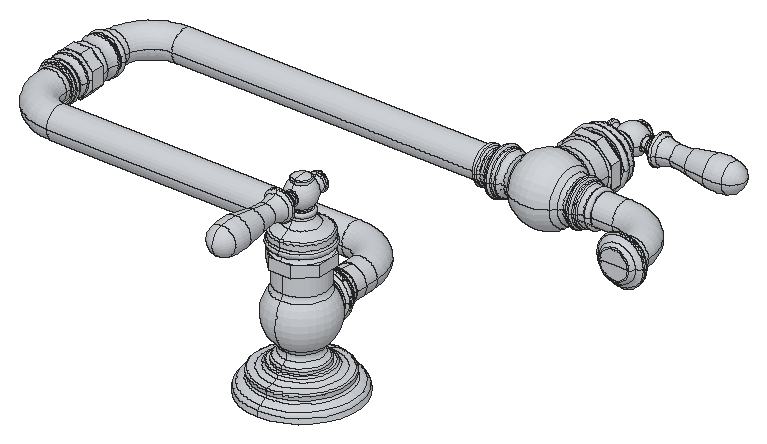
Revit family "Faucet-Wall_Mount-KOHLER-Artifacts-K-99270", category Plumbing Fixtures, host Face, Revit 2015 (continued)
Definition of nested family "K-99270"
  Lines and regions (mm)
    Masking region 3
      outline origin (0, 0, 0) x (0, 1, 0) y (0, 0, 1)
        loop
          arc (135.355, 58.766) -> (135.537, 59.15) -> (135.932, 59.305) r 0.578
          line (135.932, 59.305) -> (136.983, 59.305)
          arc (136.983, 59.305) -> (137.363, 59.158) -> (137.547, 58.793) r 0.566
          arc (137.547, 58.793) -> (138.241, 57.33) -> (139.418, 56.218) r 4.395
          arc (139.418, 56.218) -> (140.273, 56.375) -> (141.09, 56.075) r 1.647
          arc (141.09, 56.075) -> (141.494, 55.608) -> (141.64, 55.007) r 1.312
          line (141.64, 55.007) -> (141.64, 53.806) -> (152.043, 53.806)
          arc (152.043, 53.806) -> (165.439, 64.134) -> (182.059, 60.984) r 20.648
          line (182.059, 60.984) -> (182.979, 60.984)
          arc (182.979, 60.984) -> (185.354, 59.86) -> (187.954, 59.474) r 8.951
          line (187.954, 59.474) -> (197.159, 59.474)
          arc (197.159, 59.474) -> (197.308, 60.323) -> (197.741, 61.068) r 2.456
          line (197.741, 61.068) -> (203.937, 61.068)
          arc (203.937, 61.068) -> (204.672, 60.019) -> (205.887, 59.616) r 2.035
          line (205.887, 59.616) -> (206.983, 59.616) -> (206.983, 61.265)
          arc (206.983, 61.265) -> (207.969, 62.716) -> (209.621, 62.123) r 1.433
          arc (209.621, 62.123) -> (210.152, 61.626) -> (210.856, 61.446) r 1.465
          line (210.856, 61.446) -> (214.396, 61.446)
          arc (214.396, 61.446) -> (214.906, 61.241) -> (215.132, 60.74) r 0.736
          arc (215.132, 60.74) -> (217.876, 55.494) -> (222.259, 51.514) r 16.924
          arc (222.259, 51.514) -> (222.679, 51.266) -> (223.157, 51.171) r 1.456
          arc (223.157, 51.171) -> (223.837, 51.318) -> (224.371, 51.763) r 1.456
          arc (224.371, 51.763) -> (225.726, 51.952) -> (226.465, 50.8) r 1.268
          line (226.465, 50.8) -> (226.465, 49.53) -> (227.449, 49.53)
          arc (227.449, 49.53) -> (234.66, 53.349) -> (242.175, 50.167) r 9.503
          line (242.175, 50.167) -> (243.287, 50.167)
          arc (243.287, 50.167) -> (244.031, 48.922) -> (244.586, 47.582) r 9.962
          arc (244.586, 47.582) -> (245.061, 45.221) -> (244.956, 42.815) r 9.962
          arc (244.956, 42.815) -> (244.55, 41.148) -> (243.902, 39.56) r 11.585
          arc (243.902, 39.56) -> (243.574, 39.063) -> (243.077, 38.735) r 1.491
          arc (243.077, 38.735) -> (234.449, 34.372) -> (226.465, 39.825) r 9.503
          line (226.465, 39.825) -> (226.465, 38.1)
          arc (226.465, 38.1) -> (225.726, 36.948) -> (224.371, 37.137) r 1.268
          arc (224.371, 37.137) -> (223.837, 37.582) -> (223.157, 37.729) r 1.456
          arc (223.157, 37.729) -> (222.679, 37.634) -> (222.259, 37.386) r 1.456
          arc (222.259, 37.386) -> (217.876, 33.406) -> (215.132, 28.16) r 16.924
          arc (215.132, 28.16) -> (214.939, 27.693) -> (214.491, 27.461) r 0.736
          line (214.491, 27.461) -> (211.37, 27.461)
          arc (211.37, 27.461) -> (210.392, 27.478) -> (209.621, 26.876) r 1.465
          arc (209.621, 26.876) -> (207.969, 26.284) -> (206.983, 27.734) r 1.433
          line (206.983, 27.734) -> (206.983, 29.284) -> (205.887, 29.284)
          arc (205.887, 29.284) -> (204.672, 28.881) -> (203.937, 27.832) r 2.035
          line (203.937, 27.832) -> (203.937, 26.945) -> (197.778, 26.945) -> (197.778, 27.79)
          arc (197.778, 27.79) -> (197.318, 28.551) -> (197.159, 29.426) r 2.456
          line (197.159, 29.426) -> (187.954, 29.426)
          arc (187.954, 29.426) -> (185.679, 29.132) -> (183.553, 28.269) r 8.951
          arc (183.553, 28.269) -> (166.12, 23.821) -> (151.817, 34.734) r 20.648
          line (151.817, 34.734) -> (141.64, 34.734) -> (141.64, 33)
          arc (141.64, 33) -> (140.502, 31.752) -> (138.912, 32.32) r 1.524
          arc (138.912, 32.32) -> (138.058, 31.319) -> (137.547, 30.107) r 4.317
          arc (137.547, 30.107) -> (137.4, 29.744) -> (137.04, 29.594) r 0.507
          line (137.04, 29.594) -> (135.857, 29.594)
          arc (135.857, 29.594) -> (135.488, 29.754) -> (135.355, 30.134) r 0.503
          arc (135.355, 30.134) -> (134.542, 31.624) -> (133.376, 32.857) r 6.592
          arc (133.376, 32.857) -> (131.288, 33.079) -> (129.2, 32.857) r 9.919
          arc (129.2, 32.857) -> (128.408, 32.652) -> (127.635, 32.382) r 9.919
          arc (127.635, 32.382) -> (126.064, 32.127) -> (124.532, 32.554) r 3.706
          arc (124.532, 32.554) -> (123.782, 33.037) -> (123.125, 33.638) r 5.297
          arc (123.125, 33.638) -> (122.733, 32.455) -> (122.229, 31.314) r 12.95
          line (122.229, 31.314) -> (115.024, 31.314) -> (114.129, 33.302) -> (114.039, 34.106) -> (113.147, 34.106)
          arc (113.147, 34.106) -> (113.113, 33.025) -> (112.392, 32.218) r 1.582
          arc (112.392, 32.218) -> (111.949, 32.133) -> (111.537, 32.313) r 0.758
          arc (111.537, 32.313) -> (109.53, 32.993) -> (107.412, 32.967) r 6.283
          arc (107.412, 32.967) -> (106.318, 32.713) -> (105.299, 32.239) r 5.433
          line (105.299, 32.239) -> (104.555, 31.818)
          arc (104.555, 31.818) -> (104.036, 31.865) -> (103.674, 32.24) r 0.747
          arc (103.674, 32.24) -> (103.412, 32.578) -> (103.022, 32.749) r 0.867
          line (103.022, 32.749) -> (101.449, 32.749)
          arc (101.449, 32.749) -> (101.028, 32.889) -> (100.773, 33.252) r 0.706
          line (100.773, 33.252) -> (100.773, 34.768) -> (31.558, 34.768) -> (31.558, 35.581)
          arc (31.558, 35.581) -> (31.331, 34.95) -> (30.716, 34.683) r 0.844
          line (30.716, 34.683) -> (29.9, 34.683)
          arc (29.9, 34.683) -> (29.029, 34.609) -> (28.182, 34.389) r 5.175
          arc (28.182, 34.389) -> (27.605, 34.146) -> (27.061, 33.835) r 5.175
          arc (27.061, 33.835) -> (26.356, 33.003) -> (25.691, 32.138) r 22.846
          arc (25.691, 32.138) -> (25.426, 31.804) -> (25.018, 31.677) r 0.721
          line (25.018, 31.677) -> (23.806, 31.677)
          arc (23.806, 31.677) -> (23.396, 31.539) -> (23.153, 31.181) r 0.677
          arc (23.153, 31.181) -> (22.135, 30.143) -> (20.711, 30.434) r 1.52
          arc (20.711, 30.434) -> (19.687, 31.436) -> (18.355, 31.964) r 3.63
          arc (18.355, 31.964) -> (17.425, 31.974) -> (16.543, 31.677) r 2.785
          line (16.543, 31.677) -> (15.63, 30.589)
          arc (15.63, 30.589) -> (14.437, 29.247) -> (13.168, 27.977) r 31.086
          arc (13.168, 27.977) -> (12.196, 26.681) -> (11.712, 25.134) r 4.78
          arc (11.712, 25.134) -> (11.897, 23.185) -> (12.916, 21.513) r 4.355
          arc (12.916, 21.513) -> (13.873, 20.6) -> (14.89, 19.753) r 19.503
          arc (14.89, 19.753) -> (15.304, 19.22) -> (15.412, 18.553) r 1.366
          line (15.412, 18.553) -> (15.412, 17.12) -> (17.486, 17.12)
          arc (17.486, 17.12) -> (17.955, 16.962) -> (18.235, 16.553) r 0.779
          arc (18.235, 16.553) -> (18.449, 16.061) -> (18.787, 15.645) r 1.984
          arc (18.787, 15.645) -> (20.457, 14.305) -> (22.424, 13.46) r 7.929
          arc (22.424, 13.46) -> (24.629, 12.928) -> (26.865, 12.545) r 33.832
          arc (26.865, 12.545) -> (27.388, 12.25) -> (27.566, 11.677) r 0.813
          line (27.566, 11.677) -> (27.103, 9.053)
          arc (27.103, 9.053) -> (27.297, 8.177) -> (28.053, 7.696) r 1.171
          arc (28.053, 7.696) -> (30.406, 6.641) -> (32.546, 5.205) r 15.211
          arc (32.546, 5.205) -> (33.887, 2.76) -> (34.281, 0) r 7.789
          line (34.281, 0) -> (-34.281, 0)
          arc (-34.281, 0) -> (-33.887, 2.76) -> (-32.546, 5.205) r 7.789
          arc (-32.546, 5.205) -> (-30.406, 6.641) -> (-28.053, 7.696) r 15.211
          arc (-28.053, 7.696) -> (-27.297, 8.177) -> (-27.103, 9.053) r 1.171
          line (-27.103, 9.053) -> (-27.566, 11.677)
          arc (-27.566, 11.677) -> (-27.388, 12.25) -> (-26.865, 12.545) r 0.813
          arc (-26.865, 12.545) -> (-24.629, 12.928) -> (-22.424, 13.46) r 33.832
          arc (-22.424, 13.46) -> (-20.457, 14.305) -> (-18.787, 15.645) r 7.929
          arc (-18.787, 15.645) -> (-18.449, 16.061) -> (-18.235, 16.553) r 1.984
          arc (-18.235, 16.553) -> (-17.955, 16.962) -> (-17.486, 17.12) r 0.779
          line (-17.486, 17.12) -> (-15.412, 17.12) -> (-15.412, 18.553)
          arc (-15.412, 18.553) -> (-15.304, 19.22) -> (-14.89, 19.753) r 1.366
          arc (-14.89, 19.753) -> (-13.873, 20.6) -> (-12.916, 21.513) r 19.503
          arc (-12.916, 21.513) -> (-11.897, 23.185) -> (-11.712, 25.134) r 4.355
          arc (-11.712, 25.134) -> (-12.196, 26.681) -> (-13.168, 27.977) r 4.78
          arc (-13.168, 27.977) -> (-14.437, 29.247) -> (-15.63, 30.589) r 31.086
          line (-15.63, 30.589) -> (-16.543, 31.677)
          arc (-16.543, 31.677) -> (-19.367, 36.404) -> (-20.565, 41.778) r 17.322
          arc (-20.565, 41.778) -> (-19.553, 50.159) -> (-15.654, 57.648) r 23.59
          arc (-15.654, 57.648) -> (-15.175, 58.891) -> (-15.012, 60.214) r 5.448
          line (-15.012, 60.214) -> (-15.012, 72.362) -> (-17.076, 72.362) -> (-17.076, 78.953)
          arc (-17.076, 78.953) -> (-16.17, 79.46) -> (-15.488, 80.242) r 3.031
          arc (-15.488, 80.242) -> (-15.236, 80.823) -> (-15.15, 81.45) r 2.33
          line (-15.15, 81.45) -> (-15.15, 82.644) -> (-16.792, 82.644)
          arc (-16.792, 82.644) -> (-18.108, 83.483) -> (-17.905, 85.031) r 1.453
          arc (-17.905, 85.031) -> (-17.513, 85.461) -> (-17.087, 85.857) r 7.117
          arc (-17.087, 85.857) -> (-16.997, 86.256) -> (-16.967, 86.663) r 2.758
          line (-16.967, 86.663) -> (-16.967, 90.101)
          arc (-16.967, 90.101) -> (-16.725, 90.647) -> (-16.158, 90.834) r 0.737
          arc (-16.158, 90.834) -> (-13.698, 91.913) -> (-11.412, 93.321) r 19.389
          arc (-11.412, 93.321) -> (-10.341, 94.077) -> (-9.352, 94.937) r 12.883
          arc (-9.352, 94.937) -> (-7.98, 96.492) -> (-6.875, 98.246) r 12.883
          arc (-6.875, 98.246) -> (-6.747, 99.24) -> (-7.297, 100.078) r 1.445
          arc (-7.297, 100.078) -> (-7.46, 101.409) -> (-6.327, 102.126) r 1.254
          line (-6.327, 102.126) -> (-5.055, 102.126) -> (-5.055, 103.087)
          arc (-5.055, 103.087) -> (-5.196, 103.564) -> (-5.574, 103.888) r 0.879
    symbolic lines
      curve 1: line (241.841, -42.761, 0) -> (243.556, -44.476, 0)
    symbolic lines, detail levels medium+fine
      curve 2: line (24.262, 243.287, 0) -> (12.827, 243.287, 0)
      curve 3: line (12.827, 241.883, 0) -> (24.262, 241.883, 0)
      curve 4: line (9.736, 231.988, 0) -> (9.736, 238.155, 0)
      curve 5: line (10.424, 231.315, 0) -> (10.424, 238.827, 0)
      curve 6: line (12.947, 228.227, 0) -> (24.141, 228.227, 0)
      curve 7: line (12.194, 226.465, 0) -> (24.894, 226.465, 0)
      curve 8: line (27.2, 231.263, 0) -> (27.2, 238.879, 0)
      curve 9: line (29.491, 231.143, 0) -> (29.491, 238.999, 0)
      curve 10: line (33.29, 229.304, 0) -> (33.29, 240.838, 0)
      curve 11: line (36.549, 226.174, 0) -> (36.549, 243.968, 0)
      curve 12: line (34.835, 215.132, 0) -> (2.254, 215.132, 0)
      curve 13: line (36.218, 209.621, 0) -> (0.871, 209.621, 0)
      curve 14: line (1.73, 206.983, 0) -> (35.359, 206.983, 0)
      curve 15: line (35.593, 203.951, 0) -> (1.47, 203.951, 0)
      curve 16: line (1.47, 197.778, 0) -> (35.593, 197.778, 0)
      curve 17: line (33.569, 197.159, 0) -> (3.52, 197.159, 0)
      curve 18: line (11.465, 203.951, 0) -> (11.465, 197.778, 0)
      curve 19: line (25.599, 203.951, 0) -> (25.599, 197.778, 0)
      curve 20: line (35.079, 182.979, 0) -> (2.01, 182.979, 0)
      curve 21: line (-18.52, 180.635, 0) -> (-18.52, 159.848, 0)
      curve 22: line (-21.461, 160.75, 0) -> (-21.461, 179.734, 0)
      curve 23: line (-4.968, 182.722, 0) -> (-4.968, 157.762, 0)
      curve 24: line (42.786, 182.206, 0) -> (42.786, 158.278, 0)
      curve 25: line (48.79, 180.652, 0) -> (48.79, 159.832, 0)
      curve 26: line (51.717, 160.717, 0) -> (51.717, 179.767, 0)
      curve 27: line (100.235, 145.071, 0) -> (81.186, 144.878, 0)
      curve 28: line (101.084, 141.64, 0) -> (80.336, 141.64, 0)
      curve 29: line (76.367, 137.547, 0) -> (105.054, 137.547, 0)
      curve 30: line (76.394, 135.355, 0) -> (105.027, 135.355, 0)
      curve 31: spline (-225.392, 147.131, 0) -> (-225.72, 147.15, 0) -> (-226.674, 147.207, 0) -> (-228.188, 147.299, 0) -> (-230.16, 147.419, 0) -> (-232.456, 147.559, 0) -> (-234.919, 147.709, 0) -> (-237.382, 147.86, 0) -> (-239.677, 148, 0) -> (-241.649, 148.122, 0) -> (-243.163, 148.215, 0) -> (-244.117, 148.275, 0) -> (-244.445, 148.296, 0)
      curve 32: line (-246.499, 138.814, 0) -> (-223.346, 138.814, 0)
      curve 33: line (-246.556, 136.727, 0) -> (-223.29, 136.727, 0)
      curve 34: line (-244.443, 141.667, 0) -> (-225.393, 141.667, 0)
      curve 35: line (-245.238, 123.125, 0) -> (-224.607, 123.125, 0)
      curve 36: line (-222.222, 122.229, 0) -> (-247.622, 122.229, 0)
      curve 37: line (-240.183, 115.024, 0) -> (-240.183, 122.229, 0)
      curve 38: line (-229.662, 122.229, 0) -> (-229.662, 115.024, 0)
      curve 39: line (-224.494, 114.028, 0) -> (-245.352, 114.028, 0)
      curve 40: line (-224.575, 113.219, 0) -> (-245.271, 113.219, 0)
      curve 41: line (-247.622, 115.024, 0) -> (-222.222, 115.024, 0)
      curve 42: line (-224.122, 100.773, 0) -> (-245.724, 100.773, 0)
      curve 43: line (-246.736, 103.674, 0) -> (-223.11, 103.674, 0)
      curve 44: line (-244.443, 97.761, 0) -> (-225.393, 97.689, 0)
      curve 45: line (9.529, 46.985, 0) -> (-9.52, 46.915, 0)
      curve 46: line (-9.497, 38.696, 0) -> (9.553, 38.696, 0)
      curve 47: line (-9.497, 31.558, 0) -> (9.553, 31.558, 0)
      curve 48: line (12.473, 25.067, 0) -> (-12.219, 25.067, 0)
      curve 49: arc (-12.018, 24.81, 0) -> (-27.391, -3.244, 0) -> (-5.915, -26.953, 0) r 27.58
      curve 50: arc (-6.965, -15.502, 0) -> (-16.734, 2.873, 0) -> (-1.373, 16.912, 0) r 16.982
      curve 51: arc (1.373, 16.912, 0) -> (16.681, 3.165, 0) -> (7.503, -15.248, 0) r 16.982
      curve 52: arc (-7.42, -13.239, 0) -> (-15.112, 1.238, 0) -> (-5.142, 14.252, 0) r 15.164
      curve 53: arc (5.142, 14.252, 0) -> (15.116, 1.2, 0) -> (7.354, -13.276, 0) r 15.164
      curve 54: line (15.928, 13.293, 0) -> (12.489, 13.293, 0)
      curve 55: line (-7.039, 17.047, 0) -> (-7.434, 16.652, 0)
      curve 56: line (7.095, 17.047, 0) -> (6.477, 17.047, 0)
      curve 57: arc (2.334, 18.085, 0) -> (-17.521, 5.092, 0) -> (-7.755, -16.534, 0) r 18.25
      curve 58: arc (7.755, -16.534, 0) -> (18.03, 2.809, 0) -> (2.334, 18.085, 0) r 18.25
      curve 59: line (17.089, -7.082, 0) -> (17.089, -6.197, 0)
      curve 60: line (17.089, 7.053, 0) -> (16.621, 7.521, 0)
      curve 61: line (-17.034, 7.053, 0) -> (-17.034, 6.535, 0)
      curve 62: line (-17.034, -7.082, 0) -> (-16.667, -7.449, 0)
      curve 63: arc (0, 5.694, 0) -> (5.709, -0.014, 0) -> (0, -5.723, 0) r 5.709
      curve 64: line (-9.497, 31.558, 0) -> (-9.497, 32.94, 0)
      curve 65: line (9.553, 31.558, 0) -> (9.553, 32.924, 0)
      curve 66: arc (0, -5.723, 0) -> (-5.709, -0.014, 0) -> (0, 5.694, 0) r 5.709
      curve 67: arc (-5.915, -26.953, 0) -> (-5.77, -30.359, 0) -> (-6.313, -33.724, 0) r 16.83
      curve 68: arc (5.915, -26.953, 0) -> (5.77, -30.359, 0) -> (6.313, -33.724, 0) r 16.83
      curve 69: arc (-8.897, -18.038, 0) -> (-7.007, -22.362, 0) -> (-5.915, -26.953, 0) r 26.466
      curve 70: line (-8.897, -18.038, 0) -> (8.897, -18.038, 0)
      curve 71: arc (8.897, -18.038, 0) -> (7.007, -22.362, 0) -> (5.915, -26.953, 0) r 26.466
      curve 72: line (-5.767, -13.275, 0) -> (5.767, -13.275, 0)
      curve 73: line (-3.756, -7.873, 0) -> (3.756, -7.873, 0)
      curve 74: line (3.761, -8.541, 0) -> (-3.761, -8.541, 0)
      curve 75: line (-5.767, -14.779, 0) -> (5.767, -14.779, 0)
      curve 76: line (-3.756, 8.088, 0) -> (3.756, 8.088, 0)
      curve 77: line (-4.873, 11.531, 0) -> (4.873, 11.531, 0)
      curve 78: line (5.466, 12.29, 0) -> (-5.466, 12.29, 0)
      curve 79: line (-5.466, 13.634, 0) -> (5.466, 13.634, 0)
      curve 80: line (0, 14.725, 0) -> (-4.082, 14.725, 0)
      curve 81: line (0, 14.725, 0) -> (4.082, 14.725, 0)
      curve 82: line (13.615, 15.654, 0) -> (9.357, 15.654, 0)
      curve 83: arc (7.843, -14.157, 0) -> (15.923, 2.811, 0) -> (2.499, 15.963, 0) r 16.172
      curve 84: arc (-2.499, 15.963, 0) -> (-16.028, 2.142, 0) -> (-6.633, -14.763, 0) r 16.172
      curve 85: arc (-9.487, 29.295, 0) -> (-10.164, 27.268, 0) -> (-11.851, 25.954, 0) r 3.699
      curve 86: line (-11.822, 24.705, 0) -> (-11.822, 23.983, 0)
      curve 87: arc (-11.851, 25.954, 0) -> (-12.275, 25.319, 0) -> (-11.822, 24.705, 0) r 0.664
      curve 88: arc (-9.158, 30.969, 0) -> (-9.392, 30.146, 0) -> (-9.487, 29.295, 0) r 5.191
      curve 89: arc (-8.583, 31.558, 0) -> (-8.932, 31.324, 0) -> (-9.158, 30.969, 0) r 1.023
      curve 90: arc (-11.822, 23.983, 0) -> (-11.913, 23.765, 0) -> (-12.131, 23.675, 0) r 0.308
      curve 91: arc (-12.131, 23.675, 0) -> (-13.756, 22.319, 0) -> (-12.713, 20.477, 0) r 1.652
      curve 92: arc (-12.713, 20.477, 0) -> (-11.928, 17.877, 0) -> (-13.488, 15.654, 0) r 3.105
      curve 93: arc (-3.756, 8.088, 0) -> (-8.801, 0.107, 0) -> (-3.756, -7.873, 0) r 8.835
      curve 94: line (-5.466, 13.634, 0) -> (-5.466, 12.29, 0)
      curve 95: arc (-4.082, 14.725, 0) -> (-4.963, 14.419, 0) -> (-5.466, 13.634, 0) r 1.423
      curve 96: arc (-5.466, 12.29, 0) -> (-5.3, 11.809, 0) -> (-4.873, 11.531, 0) r 0.782
      curve 97: line (-3.756, 8.088, 0) -> (-3.756, 9.59, 0)
      curve 98: arc (-3.756, 9.59, 0) -> (-4.055, 10.71, 0) -> (-4.873, 11.531, 0) r 2.246
      curve 99: arc (-3.756, -7.873, 0) -> (-3.731, -8.3, 0) -> (-3.805, -8.72, 0) r 1.837
      curve 100: line (-3.805, -8.72, 0) -> (-3.805, -11.191, 0)
      curve 101: arc (-3.805, -11.191, 0) -> (-4.092, -12.172, 0) -> (-4.862, -12.845, 0) r 1.823
      curve 102: line (-4.862, -12.845, 0) -> (4.862, -12.845, 0)
      curve 103: arc (-5.767, -13.275, 0) -> (-5.363, -12.958, 0) -> (-4.862, -12.845, 0) r 1.168
      curve 104: line (-5.767, -13.275, 0) -> (-5.767, -14.779, 0)
      curve 105: arc (-5.767, -14.779, 0) -> (-6.932, -15.644, 0) -> (-7.899, -16.725, 0) r 7.184
      curve 106: arc (-7.899, -16.725, 0) -> (-8.565, -17.268, 0) -> (-8.876, -18.068, 0) r 1.684
      curve 107: arc (8.413, -18.964, 0) -> (20.516, -3.083, 0) -> (13.615, 15.654, 0) r 20.746
      curve 108: arc (5.915, -26.953, 0) -> (27.391, -3.244, 0) -> (12.018, 24.81, 0) r 27.58
      curve 109: arc (5.767, -14.779, 0) -> (6.932, -15.644, 0) -> (7.899, -16.725, 0) r 7.184
      curve 110: arc (7.899, -16.725, 0) -> (8.565, -17.268, 0) -> (8.876, -18.068, 0) r 1.684
      curve 111: arc (3.756, -7.873, 0) -> (3.731, -8.3, 0) -> (3.805, -8.72, 0) r 1.837
      curve 112: line (3.805, -8.72, 0) -> (3.805, -11.191, 0)
      curve 113: arc (3.805, -11.191, 0) -> (4.092, -12.172, 0) -> (4.862, -12.845, 0) r 1.823
      curve 114: arc (5.767, -13.275, 0) -> (5.363, -12.958, 0) -> (4.862, -12.845, 0) r 1.168
      curve 115: line (5.767, -13.275, 0) -> (5.767, -14.779, 0)
      curve 116: arc (3.756, 8.088, 0) -> (8.801, 0.107, 0) -> (3.756, -7.873, 0) r 8.835
      curve 117: line (5.466, 13.634, 0) -> (5.466, 12.29, 0)
      curve 118: arc (4.082, 14.725, 0) -> (4.963, 14.419, 0) -> (5.466, 13.634, 0) r 1.423
      curve 119: arc (5.466, 12.29, 0) -> (5.3, 11.809, 0) -> (4.873, 11.531, 0) r 0.782
      curve 120: line (3.756, 8.088, 0) -> (3.756, 9.59, 0)
      curve 121: arc (3.756, 9.59, 0) -> (4.055, 10.71, 0) -> (4.873, 11.531, 0) r 2.246
      curve 122: arc (-1.178, 17.047, 0) -> (-0.058, 17.408, 0) -> (1.082, 17.112, 0) r 2.105
      curve 123: arc (-3.027, 15.397, 0) -> (-2.158, 16.284, 0) -> (-1.178, 17.047, 0) r 9.317
      curve 124: arc (-4.082, 14.725, 0) -> (-3.505, 14.983, 0) -> (-3.027, 15.397, 0) r 2.155
      curve 125: arc (3.027, 15.397, 0) -> (2.114, 16.322, 0) -> (1.082, 17.112, 0) r 9.317
      curve 126: arc (4.082, 14.725, 0) -> (3.505, 14.983, 0) -> (3.027, 15.397, 0) r 2.155
      curve 127: arc (9.487, 29.295, 0) -> (10.164, 27.268, 0) -> (11.851, 25.954, 0) r 3.699
      curve 128: line (11.822, 24.705, 0) -> (11.822, 23.983, 0)
      curve 129: arc (11.851, 25.954, 0) -> (12.275, 25.319, 0) -> (11.822, 24.705, 0) r 0.664
      curve 130: arc (9.158, 30.969, 0) -> (9.392, 30.146, 0) -> (9.487, 29.295, 0) r 5.191
      curve 131: arc (8.583, 31.558, 0) -> (8.932, 31.324, 0) -> (9.158, 30.969, 0) r 1.023
      curve 132: arc (11.822, 23.983, 0) -> (11.913, 23.765, 0) -> (12.131, 23.675, 0) r 0.308
      curve 133: arc (12.131, 23.675, 0) -> (13.756, 22.319, 0) -> (12.713, 20.477, 0) r 1.652
      curve 134: arc (12.713, 20.477, 0) -> (11.928, 17.877, 0) -> (13.488, 15.654, 0) r 3.105
      curve 135: arc (-13.615, 15.654, 0) -> (-20.516, -3.083, 0) -> (-8.413, -18.964, 0) r 20.746
      curve 136: line (-17.034, -6.564, 0) -> (-17.034, -7.082, 0)
      curve 137: line (16.621, -7.55, 0) -> (17.089, -7.082, 0)
      curve 138: line (7.535, 16.607, 0) -> (7.095, 17.047, 0)
      curve 139: line (-6.477, 17.047, 0) -> (-7.039, 17.047, 0)
      curve 140: line (-16.667, 7.42, 0) -> (-17.034, 7.053, 0)
      curve 141: line (17.089, 6.389, 0) -> (17.089, 7.053, 0)
      curve 142: line (-12.489, 13.293, 0) -> (-15.849, 13.293, 0)
      curve 143: line (-9.357, 15.654, 0) -> (-13.488, 15.654, 0)
      curve 144: arc (100.235, 0, 44.281) -> (97.375, 0, 51.086) -> (90.511, 0, 53.804) r 9.525
      curve 145: arc (90.71, 0, 34.756) -> (97.446, 0, 37.546) -> (100.235, 0, 44.281) r 9.525
      curve 146: line (11.465, 0, 26.945) -> (16.112, 0, 26.945)
      curve 147: arc (0.353, 0, 31.693) -> (-1.719, 0, 31.802) -> (-3.743, 0, 32.254) r 12.445
      curve 148: arc (-4.968, 0, 56.713) -> (-1.696, 0, 57.545) -> (1.681, 0, 57.539) r 13.516
      curve 149: arc (1.38, 0, 30.69) -> (-1.846, 0, 30.74) -> (-4.968, 0, 31.552) r 13.516
      curve 150: arc (-3.967, 0, 55.938) -> (-1.735, 0, 56.46) -> (0.554, 0, 56.564) r 12.445
      curve 151: arc (-244.433, 0, 44.71) -> (-241.342, 0, 51.313) -> (-234.488, 0, 53.796) r 9.525
      curve 152: arc (-232.816, 0, 34.756) -> (-241.126, 0, 36.814) -> (-244.433, 0, 44.71) r 9.533
      curve 153: line (0, 0, 117.594) -> (5.675, 0, 117.594)
      curve 154: arc (5.042, 0, 103.411) -> (8.888, 0, 110.344) -> (5.675, 0, 117.594) r 8.897
      curve 155: arc (-5.675, 0, 117.594) -> (-8.889, 0, 110.362) -> (-5.07, 0, 103.43) r 8.897
      curve 156: line (-5.709, 0, 117.594) -> (0, 0, 117.594)
      curve 157: arc (0, 0, 105.868) -> (4.873, 0, 110.741) -> (0, 0, 115.614) r 4.873
      curve 158: arc (0, 0, 106.659) -> (4.082, 0, 110.741) -> (0, 0, 114.824) r 4.082
      curve 159: arc (0, 0, 114.824) -> (-4.082, 0, 110.741) -> (0, 0, 106.659) r 4.082
      curve 160: arc (0, 0, 115.614) -> (-4.873, 0, 110.741) -> (0, 0, 105.868) r 4.873
      curve 161: line (5.709, 0, 118.998) -> (-5.709, 0, 118.998)
      curve 162: line (5.709, 0, 118.998) -> (5.709, 0, 117.566)
      curve 163: line (-5.709, 0, 118.998) -> (-5.709, 0, 117.594)
      curve 164: line (5.674, 0, 103.888) -> (-5.674, 0, 103.888)
      curve 165: line (-4.01, 0, 102.126) -> (4.01, 0, 102.126)
      curve 166: line (0, 0, 82.644) -> (16.806, 0, 82.644)
      curve 167: line (-16.806, 0, 82.644) -> (0, 0, 82.644)
      curve 168: line (17.089, 0, 79.165) -> (-17.034, 0, 79.165)
      curve 169: line (-17.034, 0, 72.362) -> (17.089, 0, 72.362)
      curve 170: line (48.79, 0, 54.463) -> (48.79, 0, 51.074)
      curve 171: line (42.786, 0, 56.017) -> (42.786, 0, 51.061)
      curve 172: line (36.549, 0, 52.752) -> (36.549, 0, 34.958)
      curve 173: line (7.095, 0, 72.362) -> (7.095, 0, 79.165)
      curve 174: line (-7.039, 0, 72.362) -> (-7.039, 0, 79.165)
      curve 175: line (16.172, 0, 90.834) -> (-16.172, 0, 90.834)
      curve 176: line (16.981, 0, 86.663) -> (-16.981, 0, 86.663)
      curve 177: line (-4.968, 0, 56.713) -> (-4.968, 0, 31.552)
      curve 178: line (-18.52, 0, 54.447) -> (-18.52, 0, 34.374)
      curve 179: line (-21.461, 0, 34.756) -> (-21.461, 0, 53.824)
      curve 180: line (27.58, 0, 11.677) -> (-27.58, 0, 11.677)
      curve 181: line (-18.25, 0, 16.553) -> (18.25, 0, 16.553)
      curve 182: line (15.445, 0, 17.12) -> (-15.445, 0, 17.12)
      curve 183: line (33.29, 0, 49.622) -> (33.29, 0, 37.527)
      curve 184: line (29.491, 0, 47.63) -> (29.491, 0, 39.926)
      curve 185: line (27.2, 0, 47.63) -> (27.2, 0, 40.08)
      curve 186: arc (24.262, 0, 44.45) -> (18.544, 0, 50.167) -> (12.827, 0, 44.45) r 5.717
      curve 187: arc (12.827, 0, 44.45) -> (18.544, 0, 38.733) -> (24.262, 0, 44.45) r 5.717
      curve 188: line (10.424, 0, 47.034) -> (10.424, 0, 40.675)
      curve 189: line (9.736, 0, 46.938) -> (9.736, 0, 40.771)
      curve 190: arc (78.522, 0, 34.834) -> (81.704, 0, 35.532) -> (84.642, 0, 36.939) r 14.122
      curve 191: arc (84.338, 0, 37.202) -> (88.414, 0, 44.281) -> (84.338, 0, 51.36) r 8.185
      curve 192: arc (78.522, 0, 53.272) -> (81.704, 0, 52.575) -> (84.642, 0, 51.167) r 14.122
      curve 193: arc (78.522, 0, 53.272) -> (73.15, 0, 53.541) -> (67.777, 0, 53.272) r 53.755
      curve 194: arc (67.777, 0, 53.272) -> (58.275, 0, 52.245) -> (48.79, 0, 51.074) r 630.372
      curve 195: arc (48.79, 0, 51.074) -> (42.557, 0, 51.092) -> (36.549, 0, 52.752) r 23.442
      curve 196: arc (36.549, 0, 52.752) -> (34.253, 0, 51.881) -> (33.29, 0, 49.622) r 3.133
      curve 197: line (33.291, 0, 49.677) -> (31.538, 0, 49.677)
      curve 198: arc (31.538, 0, 49.677) -> (30.728, 0, 48.439) -> (29.491, 0, 47.63) r 3.609
      curve 199: line (29.491, 0, 47.63) -> (26.934, 0, 47.63)
      curve 200: arc (26.934, 0, 47.63) -> (18.486, 0, 52.689) -> (10.424, 0, 47.034) r 9.045
      curve 201: arc (10.424, 0, 47.034) -> (10.108, 0, 46.788) -> (9.736, 0, 46.938) r 0.401
      curve 202: arc (9.736, 0, 46.938) -> (7.996, 0, 47.395) -> (6.73, 0, 48.673) r 3.409
      curve 203: arc (6.73, 0, 48.673) -> (6.27, 0, 49.162) -> (5.635, 0, 49.379) r 1.396
      curve 204: line (5.635, 0, 49.379) -> (4.43, 0, 49.379)
      curve 205: arc (67.777, 0, 34.636) -> (58.275, 0, 35.663) -> (48.79, 0, 36.834) r 630.372
      curve 206: arc (48.79, 0, 36.834) -> (42.557, 0, 36.816) -> (36.549, 0, 35.156) r 23.442
      curve 207: arc (36.549, 0, 34.958) -> (34.273, 0, 35.809) -> (33.291, 0, 38.033) r 3.133
      curve 208: line (33.291, 0, 38.033) -> (31.538, 0, 38.033)
      curve 209: arc (31.538, 0, 38.033) -> (30.728, 0, 39.27) -> (29.491, 0, 40.08) r 3.609
      curve 210: line (29.491, 0, 40.08) -> (26.934, 0, 40.08)
      curve 211: arc (26.934, 0, 40.08) -> (18.486, 0, 35.02) -> (10.424, 0, 40.675) r 9.045
      curve 212: arc (10.424, 0, 40.675) -> (10.108, 0, 40.922) -> (9.736, 0, 40.771) r 0.401
      curve 213: arc (9.736, 0, 40.771) -> (8.659, 0, 40.609) -> (7.689, 0, 40.115) r 3.409
      curve 214: line (6.429, 0, 38.43) -> (4.43, 0, 38.43)
      curve 215: arc (7.689, 0, 40.115) -> (6.933, 0, 39.367) -> (6.429, 0, 38.43) r 3.587
      curve 216: line (48.79, 0, 36.834) -> (48.79, 0, 33.643)
      curve 217: line (42.786, 0, 36.846) -> (42.786, 0, 32.089)
      curve 218: arc (2.485, 0, 47.18) -> (16.642, 0, 60.629) -> (33.533, 0, 50.83) r 16.29
      curve 219: arc (33.29, 0, 37.527) -> (17.235, 0, 28.213) -> (2.88, 0, 39.98) r 16.29
      curve 220: arc (0.871, 0, 44.45) -> (5.215, 0, 32.845) -> (16.112, 0, 26.945) r 17.673
      curve 221: arc (2.003, 0, 46.561) -> (16.097, 0, 60.945) -> (33.76, 0, 51.272) r 16.675
      curve 222: arc (2.532, 0, 40.327) -> (16.751, 0, 28.013) -> (33.29, 0, 36.971) r 16.534
      curve 223: line (25.599, 0, 26.945) -> (28.506, 0, 29.851)
      curve 224: line (25.599, 0, 61.068) -> (24.56, 0, 61.068)
      curve 225: line (11.465, 0, 61.068) -> (10.668, 0, 60.271)
      curve 226: line (1.47, 0, 51.074) -> (1.47, 0, 49.013)
      curve 227: line (1.47, 0, 36.939) -> (4, 0, 34.409)
      curve 228: line (26.372, 0, 60.295) -> (25.599, 0, 61.068)
      curve 229: line (12.529, 0, 61.068) -> (11.465, 0, 61.068)
      curve 230: line (2.724, 0, 52.327) -> (1.47, 0, 51.074)
      curve 231: line (1.47, 0, 39.887) -> (1.47, 0, 36.939)
      curve 232: arc (16.112, 0, 26.945) -> (18.544, 0, 26.777) -> (20.976, 0, 26.945) r 17.673
      curve 233: line (8.504, 0, 29.906) -> (11.465, 0, 26.945)
      curve 234: arc (20.976, 0, 26.945) -> (24.909, 0, 27.963) -> (28.506, 0, 29.851) r 17.673
      curve 235: arc (28.506, 0, 29.851) -> (31.657, 0, 32.601) -> (34.075, 0, 36.014) r 17.673
      curve 236: line (20.976, 0, 26.945) -> (25.599, 0, 26.945)
      curve 237: arc (34.485, 0, 52.083) -> (14.631, 0, 61.685) -> (0.871, 0, 44.45) r 17.673
      curve 238: arc (-4.968, 0, 56.514) -> (-1.516, 0, 55.652) -> (1.485, 0, 57.563) r 4.505
      curve 239: arc (1.681, 0, 57.539) -> (7.516, 0, 62.733) -> (15.099, 0, 64.609) r 16.269
      curve 240: arc (-4.968, 0, 31.592) -> (-1.201, 0, 32.392) -> (1.807, 0, 29.988) r 4.505
      curve 241: arc (1.807, 0, 29.988) -> (6.025, 0, 26.013) -> (11.638, 0, 24.568) r 11.624
      curve 242: line (-4.968, 0, 56.514) -> (-8.315, 0, 56.514)
      curve 243: arc (-8.315, 0, 56.514) -> (-9.056, 0, 56.798) -> (-9.418, 0, 57.503) r 1.109
      curve 244: arc (-9.418, 0, 57.503) -> (-10.458, 0, 57.864) -> (-11.179, 0, 57.031) r 0.982
      curve 245: arc (-11.179, 0, 57.031) -> (-11.966, 0, 55.27) -> (-13.612, 0, 54.265) r 3.249
      curve 246: arc (-13.612, 0, 54.265) -> (-15.824, 0, 53.875) -> (-18.069, 0, 53.806) r 15.608
      curve 247: line (-4.968, 0, 31.691) -> (-8.315, 0, 31.691)
      curve 248: arc (-8.315, 0, 31.691) -> (-9.056, 0, 31.408) -> (-9.418, 0, 30.702) r 1.109
      curve 249: arc (-9.418, 0, 30.702) -> (-10.458, 0, 30.342) -> (-11.179, 0, 31.174) r 0.982
      curve 250: arc (-11.179, 0, 31.174) -> (-11.966, 0, 32.936) -> (-13.612, 0, 33.941) r 3.249
      curve 251: arc (-13.612, 0, 33.941) -> (-16.049, 0, 34.352) -> (-18.52, 0, 34.374) r 15.608
      curve 252: arc (2.518, 0, 28.984) -> (-3.459, 0, 29.286) -> (-9.056, 0, 31.408) r 19.273
      curve 253: arc (79.796, 0, 34.735) -> (105.211, 0, 44.296) -> (79.776, 0, 53.804) r 14.5
      curve 254: line (79.158, 0, 53.804) -> (90.909, 0, 53.804)
      curve 255: line (79.46, 0, 34.735) -> (91.001, 0, 34.735)
      curve 256: line (4.43, 0, 49.379) -> (2.442, 0, 47.133)
      curve 257: arc (2.442, 0, 47.133) -> (1.158, 0, 44.048) -> (2.035, 0, 40.825) r 5.155
      curve 258: line (4.43, 0, 38.43) -> (2.035, 0, 40.825)
      curve 259: arc (-5.709, 0, 117.998) -> (-9.224, 0, 110.348) -> (-5.07, 0, 103.025) r 9.233
      curve 260: line (5.042, 0, 102.687) -> (5.042, 0, 103.888)
      curve 261: line (-5.07, 0, 102.704) -> (-5.07, 0, 103.888)
      curve 262: arc (5.042, 0, 103.007) -> (9.224, 0, 110.331) -> (5.709, 0, 117.998) r 9.233
      curve 263: line (-226.787, 0, 53.806) -> (-235.311, 0, 53.806)
      curve 264: line (-226.27, 0, 34.756) -> (-232.816, 0, 34.756)
      curve 265: arc (-226.787, 0, 53.806) -> (-247.619, 0, 43.708) -> (-226.27, 0, 34.756) r 12.701
      curve 266: arc (-227.658, 0, 53.806) -> (-246.95, 0, 43.669) -> (-227.062, 0, 34.756) r 12.116
      curve 267: arc (0, 166.65, 53.806) -> (0, 176.187, 52.578) -> (0, 180.635, 44.053) r 10.393
      curve 268: arc (0, 180.635, 44.053) -> (0, 175.728, 35.225) -> (0, 165.639, 34.734) r 10.393
      curve 269: line (0, 242.175, 50.167) -> (0, 242.175, 41.303)
      curve 270: line (0, 243.287, 50.167) -> (0, 243.287, 38.832)
      curve 271: line (0, 242.175, 41.303) -> (0, 242.175, 40.416)
      curve 272: circle (0, 235.071, 43.855) r 5.065 normal (1, 0, 0)
      curve 273: line (0, 226.465, 49.53) -> (0, 226.465, 39.825)
      curve 274: line (0, 226.465, 39.825) -> (0, 227.304, 39.825)
      curve 275: arc (0, 242.629, 50.167) -> (0, 234.669, 53.694) -> (0, 227.024, 49.53) r 9.847
      curve 276: line (0, 227.449, 49.53) -> (0, 227.449, 44.003)
      curve 277: line (0, 243.287, 38.832) -> (0, 242.492, 38.832)
      curve 278: arc (0, 242.175, 49.757) -> (0, 234.641, 53.08) -> (0, 227.449, 49.07) r 9.235
      curve 279: arc (0, 226.761, 39.825) -> (0, 234.501, 34.637) -> (0, 242.821, 38.832) r 9.235
      curve 280: arc (0, 226.465, 39.07) -> (0, 235.011, 34.008) -> (0, 243.618, 38.965) r 9.847
      curve 281: line (0, 215.132, 60.74) -> (0, 215.132, 28.16)
      curve 282: line (0, 209.621, 62.123) -> (0, 209.621, 26.876)
      curve 283: line (0, 206.983, 59.616) -> (0, 206.983, 29.284)
      curve 284: line (0, 203.937, 61.068) -> (0, 203.937, 27.175)
      curve 285: line (0, 197.741, 61.068) -> (0, 197.741, 27.832)
      curve 286: line (0, 197.159, 59.474) -> (0, 197.159, 29.426)
      curve 287: line (0, 203.937, 50.167) -> (0, 197.741, 50.167)
      curve 288: line (0, 203.937, 37.947) -> (0, 197.741, 37.947)
      curve 289: line (0, 182.979, 60.984) -> (0, 182.979, 50.029)
      curve 290: line (0, 152.043, 53.806) -> (0, 171.093, 53.806)
      curve 291: line (0, 151.817, 34.734) -> (0, 171.093, 34.734)
      curve 292: line (0, 182.979, 38.077) -> (0, 182.979, 27.802)
      curve 293: arc (0, 159.701, 34.734) -> (0, 184.308, 43.758) -> (0, 160.102, 53.806) r 14.069
      curve 294: spline (0, 148.296, 44.282) -> (0, 148.293, 45.542) -> (0, 148.28, 46.78) -> (0, 148.257, 47.973) -> (0, 148.225, 49.102) -> (0, 148.184, 50.146) -> (0, 148.134, 51.087) -> (0, 148.077, 51.908) -> (0, 148.014, 52.596) -> (0, 147.946, 53.137) -> (0, 147.873, 53.524) -> (0, 147.798, 53.748) -> (0, 147.721, 53.806)
      curve 295: spline (0, 147.709, 34.754) -> (0, 147.785, 34.835) -> (0, 147.86, 35.078) -> (0, 147.932, 35.479) -> (0, 148, 36.03) -> (0, 148.064, 36.722) -> (0, 148.122, 37.543) -> (0, 148.172, 38.48) -> (0, 148.215, 39.516) -> (0, 148.249, 40.634) -> (0, 148.275, 41.815) -> (0, 148.29, 43.038) -> (0, 148.296, 44.282)
      curve 296: line (0, 141.667, 33.239) -> (0, 141.667, 53.812)
      curve 297: line (0, 138.814, 32.194) -> (0, 138.814, 55.63)
      curve 298: line (0, 136.727, 55.686) -> (0, 136.727, 32.711)
      curve 299: line (0, 137.547, 30.107) -> (0, 137.547, 32.946)
      curve 300: line (0, 138.09, 55.362) -> (0, 137.196, 55.362)
      curve 301: arc (0, 138.814, 55.63) -> (0, 138.476, 55.431) -> (0, 138.09, 55.362) r 1.111
      curve 302: arc (0, 137.196, 55.362) -> (0, 136.911, 55.451) -> (0, 136.727, 55.686) r 0.501
      curve 303: arc (0, 139.418, 56.218) -> (0, 139.125, 55.914) -> (0, 138.814, 55.63) r 6.645
      curve 304: line (0, 135.355, 30.134) -> (0, 135.355, 32.27)
      curve 305: arc (0, 136.727, 55.686) -> (0, 136.073, 55.99) -> (0, 135.355, 55.928) r 1.399
      curve 306: arc (0, 135.355, 55.928) -> (0, 133.642, 55.402) -> (0, 131.887, 55.047) r 18.282
      curve 307: line (0, 137.547, 55.362) -> (0, 137.547, 58.793)
      curve 308: line (0, 135.355, 55.928) -> (0, 135.355, 58.766)
      curve 309: arc (0, 135.355, 32.27) -> (0, 133.787, 32.729) -> (0, 132.184, 33.046) r 18.282
      curve 310: line (0, 137.996, 33.041) -> (0, 137.113, 33.041)
      curve 311: arc (0, 138.814, 32.194) -> (0, 138.585, 32.791) -> (0, 137.996, 33.041) r 0.819
      curve 312: arc (0, 137.113, 33.041) -> (0, 136.816, 32.904) -> (0, 136.727, 32.59) r 0.391
      curve 313: arc (0, 136.727, 32.59) -> (0, 136.19, 31.793) -> (0, 135.355, 32.27) r 0.706
      curve 314: line (0, 123.125, 54.369) -> (0, 123.125, 33.638)
      curve 315: line (0, 122.229, 56.754) -> (0, 122.229, 31.314)
      curve 316: line (0, 122.229, 49.253) -> (0, 115.024, 49.253)
      curve 317: line (0, 115.024, 56.754) -> (0, 115.024, 31.352)
      curve 318: line (0, 114.028, 53.801) -> (0, 114.028, 34.048)
      curve 319: line (0, 113.219, 53.801) -> (0, 113.219, 33.767)
      curve 320: line (0, 122.229, 38.732) -> (0, 115.024, 38.732)
      curve 321: line (0, 103.674, 55.866) -> (0, 103.674, 32.24)
      curve 322: line (0, 100.773, 53.81) -> (0, 100.773, 34.768)
      curve 323: line (0, 98.302, 53.81) -> (0, 98.302, 34.768)
      curve 324: line (0, 31.558, 52.861) -> (0, 31.558, 34.768)
      curve 325: line (0, 38.67, 53.806) -> (0, 38.67, 34.756)
      curve 326: line (0, 46.932, 53.81) -> (0, 46.932, 34.768)
      curve 327: line (0, 25.067, 56.578) -> (0, 25.067, 31.687)
      curve 328: line (0, 15.654, 57.648) -> (0, 15.654, 30.617)
      curve 329: line (0, 13.293, 60.006) -> (0, 13.293, 28.256)
      curve 330: line (0, 27.566, 11.677) -> (0, -27.595, 11.677)
      curve 331: line (0, 18.235, 16.553) -> (0, -18.264, 16.553)
      curve 332: line (0, -17.514, 17.12) -> (0, 17.486, 17.12)
      curve 333: line (0, -17.076, 72.362) -> (0, 17.047, 72.362)
      curve 334: line (0, 17.047, 79.165) -> (0, -17.076, 79.165)
      curve 335: line (0, -16.821, 82.644) -> (0, 16.792, 82.644)
      curve 336: line (0, 16.967, 86.663) -> (0, -16.996, 86.663)
      curve 337: line (0, 7.053, 72.362) -> (0, 7.053, 79.165)
      curve 338: line (0, -7.082, 72.362) -> (0, -7.082, 79.165)
      curve 339: line (0, 16.158, 90.834) -> (0, -16.186, 90.834)
      curve 340: line (0, -6.356, 102.126) -> (0, 6.327, 102.126)
      curve 341: line (0, -5.603, 103.888) -> (0, 5.574, 103.888)
      curve 342: line (0, -7.873, 114.961) -> (0, -7.873, 106.521)
      curve 343: line (0, -8.541, 114.547) -> (0, -8.541, 106.936)
      curve 344: line (0, -5.723, 117.594) -> (0, 5.694, 117.594)
      curve 345: line (0, 5.694, 118.998) -> (0, -5.723, 118.998)
      curve 346: line (0, 8.088, 114.497) -> (0, 8.088, 106.985)
      curve 347: line (0, 14.725, 114.824) -> (0, 14.725, 106.659)
      curve 348: line (0, 13.634, 116.207) -> (0, 13.634, 105.275)
      curve 349: line (0, 11.531, 115.614) -> (0, 11.531, 105.868)
      curve 350: line (0, 12.29, 116.207) -> (0, 12.29, 105.275)
      curve 351: line (0, -14.779, 116.508) -> (0, -14.779, 104.974)
      curve 352: line (0, -18.038, 119.639) -> (0, -18.038, 101.844)
      curve 353: line (0, -13.275, 116.508) -> (0, -13.275, 104.974)
      curve 354: line (0, -12.656, 115.95) -> (0, -12.656, 105.532)
  Dimensions and locks
    aligned and locked: plane 2 to level
Types (5): name | Type | Model | Finish
  (no name) | 1 | "K-99270-CP" | Kohler-Metal-CP-Polished_Chrome
  CP- Polished Chrome | 1 | "K-99270-CP" | Kohler-Metal-CP-Polished_Chrome
  SN- Vibrant Polished Nickel | 2 | "K-99270-SN" | Kohler-Metal-SN-Vibrant_Polished_Nickel
  VS- Vibrant Stainless | 3 | "K-99270-VS" | Kohler-Metal-VS-Vibrant_Stainless
  2BZ- Oil Rubbed Bronze | 4 | "K-99270-2BZ" | Kohler-Metal-2BZ-Oil_Rubbed_Bronze
